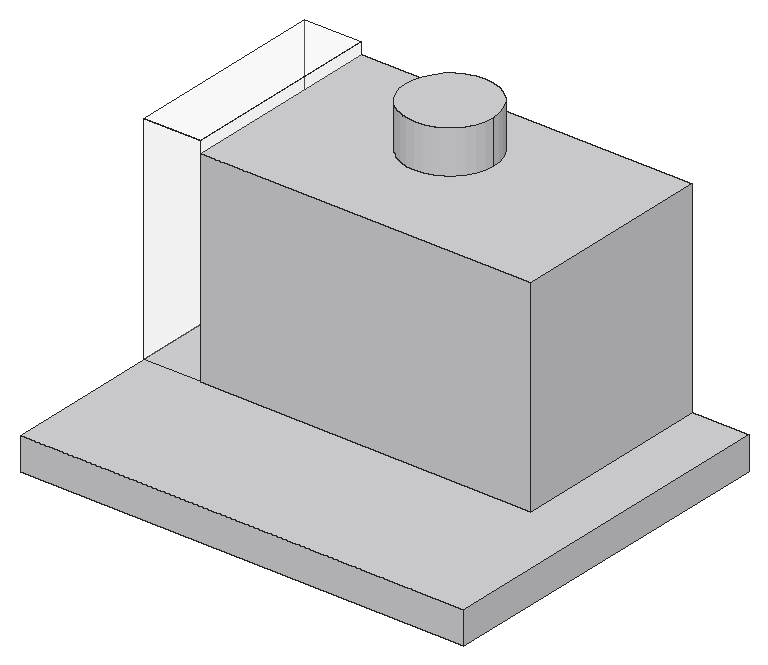
Revit family "v-754_904fr2_50Hz", category 機械設備, Revit 2019
Family settings
  丸型コネクタ寸法 = 直径を使用
  パーツ タイプ = 標準
  OmniClass 番号 = 23.75.35.17.27
  OmniClass タイトル = Centrifugal Fans
  作業面ベース = いいえ
  常に垂直 = はい
  ロード時にボイドで切り取り = いいえ
  共有 = いいえ
  部屋計算ポイント = いいえ
Parameters (values of type "V-754FR2")
  騒音レベル(dB(A)) = 46
  風量 = 525.0 m³/h
  電源種別 [instance] = ""
  電圧 = 100 V
  電動機出力 = 0 W
  電動機_種別 [instance] = ""
  集中コントローラ = ""
  運転質量 = 0.00 kg
  連動 [instance] = ""
  質量 = if(製品質量 > 運転質量, 製品質量, 運転質量) * 1.2  # 33.60 kg
  負荷分類 = 3_ファン類
  説明 = "レンジフードファン フラット形"
  設計風量 = 0.0 m³/h
  設置方法 = "天吊"
  記号 [instance] = ""
  製造元 = "三菱電機株式会社"
  製品質量 = 28.00 kg
  製品出荷対象 = "国内"
  製品リリース年月 = "2022年6月1日"
  製品グループ = ""
  系統 [instance] = ""
  符号 = if(☑給気／□排気, "FS", "FE")  # "FE"
  積算_科目 = "2 換気設備"
  積算_拾い区分 [instance] = ""
  相 = 1
  盤記号 [instance] = ""
  発停方法 [instance] = ""
  特殊仕様 [instance] = ""
  火災停止 [instance] = ""
  消費電力 = 98 W
  法定耐用年数 = "15"
  機外静圧_排気 = 210.0 Pa
  機外静圧 = 0.0 Pa
  極数 = 2
  材質 [instance] = ""
  操作・制御方式 = ""
  操作・制御スイッチ = ""
  排気量 = 0.0 m³/h
  形式 = "片吸込形"
  幹線記号 [instance] = ""
  対象室 [instance] = ""
  実風量 = 0.0 m³/h
  始動方式 [instance] = "直入"
  外気量 = 0.0 m³/h
  呼称 = "遠心送風機"
  周波数 = 50 Hz
  参照している仕様書等のバージョン = ""
  分類コード = "50052503100060"
  分類グループ = ""
  価格 = 172500
  企業コード = "108420"
  付属品_フィルター_還気 = ""
  付属品_フィルター = ""
  付属品 [instance] = ""
  仕様書バージョン = "Version1.0"
  モデル = "V-754FR2"
  メンテナンススペース_高さ = 365 mm
  メンテナンススペース = yes
  マテリアル = 鋼板(シルバー)
  ファンの種類 = ""
  ダクト径 = 150 mm
  コメント [instance] = ""
  Keynote = ""
  Assembly Code = ""
  ☑給気／□排気 = no
  Width = 557 mm
  W2 = W1 / 2  # 374.5 mm
  W1 = 749 mm
  Version = ""
  Uniclass2015Version = "Systems v1.9"
  Uniclass2015Title = "Centrifugal fans"
  Uniclass2015Code = "Pr_65_67_29_12"
  URL = "https://www.mitsubishielectric.co.jp/ldg/wink/ssl/displayProduct.do?pid=320927"
  SpecificationReference = ""
  SpecificationDescription = ""
  Revision = ""
  ProductInformation = ""
  OmniClassCode = "23-33 31 19 13 15"
  MIN風量 = 130.0 m³/h
  MIN静圧 = 0.0 Pa
  MID風量 = 320.0 m³/h
  MID静圧 = 0.0 Pa
  MAX風量 = 525.0 m³/h
  MAX静圧 = 0.0 Pa
  IfcTypeProduct = ""
  IfcProduct = ""
  IfcExportType = "CENTRIFUGALFORWARDCURVED"
  IfcExportAs = "IfcFanType"
  Height = 346 mm
  H1 = 55 mm
  EAサイズ_D = 148 mm
  Duct_Height = 73 mm
  Duct_D = 125 mm
  Duct_W = 29.7 mm
  Depth = 340 mm
  D1 = 600 mm
  Clearance Top = 0 mm
  Clearance Right = 0 mm
  Clearance Left = 0 mm
  Clearance Front = 0 mm
  Clearance Bottom = 0 mm
  Clearance Back = 0 mm
  Author = "三菱電機株式会社"
Types (2, lengths in mm): name | 質量 | 製品質量 | 価格 | モデル | W2 | W1 | URL
  V-754FR2 | 33.60 kg | 28.00 kg | 172500 | "V-754FR2" | 374.5 | 749 | "https://www.mitsubishielectric.co.jp/ldg/wink/ssl/displayProduct.do?pid=320927"
  V-904FR2 | 36.00 kg | 30.00 kg | 197100 | "V-904FR2" | 449.5 | 899 | "https://www.mitsubishielectric.co.jp/ldg/wink/ssl/displayProduct.do?pid=320691"
Reference planes
  plane 1 "中心(正面/背面)": y = 0
  plane 2: z = 0
  plane 3 "中心(左/右)": x = 0
  plane 4: x = -374.5
  plane 5: x = 374.5
  plane 6: y = -600
  plane 7: z = -401
  plane 8: x = -374.5
  plane 9: z = -346
  plane 10: z = 19
  plane 11: y = -340
  plane 12: x = -278.5
  plane 13: x = 278.5
  plane 14: x = -29.7
  plane 15: y = -125
  plane 16: z = 73
  plane 17: y = 0
  plane 18: y = -340
  plane 19: y = -300
  plane 20: z = -346
  plane 21: x = -187.25
  plane 22: x = 187.25
Forms (mm)
  Extrusion 1, solid, material "鋼板(シルバー)" <- "マテリアル", detail levels fine
    sketch origin (0, 0, 0) x (1, 0, 0) y (0, 1, 0)
      loop
        line (-374.5, 0) -> (-374.5, -600) -> (374.5, -600) -> (374.5, 0) -> (-374.5, 0)
    from -346 to -401
  Extrusion 2, solid, material "鋼板(シルバー)" <- "マテリアル"
    sketch origin (0, 0, 0) x (1, 0, 0) y (0, 1, 0)
      loop
        line (-278.5, 0) -> (-278.5, -340) -> (278.5, -340) -> (278.5, 0) -> (-278.5, 0)
    from -346 to 0
  Extrusion 3, solid, material "鋼板(シルバー)" <- "マテリアル"
    sketch origin (0, 0, 0) x (1, 0, 0) y (0, 1, 0)
      loop
        circle (-29.7, -125) r 74
    from 0 to 73
Lines and regions (mm)
  Masking region 1, detail levels coarse+medium
    outline origin (1326.5, 29, 0) x (1, 0, 0) y (0, 1, 0)
      loop
        line (-1701, -29) -> (-1701, -629) -> (-952, -629) -> (-952, -29) -> (-1701, -29)
  symbolic lines, detail levels coarse+medium
    curve 1: circle (-187.25, -300, 0) r 187.25 normal (0, 0, 1)
    curve 2: circle (187.25, -300, 0) r 187.25 normal (0, 0, 1)
Dimensions and locks
  equal spacing: plane 4, plane 3 "中心(左/右)", plane 5
  "Clearance Left": plane 8 to plane 4
  equal spacing: plane 12, plane 3 "中心(左/右)", plane 13
  "Duct_W": plane 14 to plane 3 "中心(左/右)"
  "Clearance Front": plane 11 to plane 18
  equal spacing: plane 6, plane 19, plane 1 "中心(正面/背面)"
  "D1": plane 6 to plane 1 "中心(正面/背面)"
  "Depth": plane 11 to plane 1 "中心(正面/背面)"
  "Clearance Back": plane 17 to plane 1 "中心(正面/背面)"
  "Duct_D": plane 1 "中心(正面/背面)" to plane 15
  "H1": plane 20 to plane 7
  "Height": level to plane 20
  "Duct_Height": plane 16 to level
  "Clearance Bottom": plane 20 to plane 9
  "メンテナンススペース_高さ": plane 10 to plane 20
  equal spacing: plane 3 "中心(左/右)", plane 22, plane 5
  "W1": plane 4 to plane 5
  "Width": plane 12 to plane 13
  equal spacing: plane 4, plane 21, plane 3 "中心(左/右)"
  "EAサイズ_D": diameter of Extrusion 3 sketch curve
  "W2": diameter of curve 1
  "W2": diameter of curve 2
  aligned and locked: level to plane 2
  aligned and locked: Extrusion 1 to plane 7
  aligned and locked: plane 8 to nested 1
  aligned and locked: Masking region 1 to plane 4
  aligned and locked: plane 5 to Masking region 1
  aligned and locked: Masking region 1 to plane 6
  aligned and locked: plane 9 to nested 1
  aligned and locked: plane 10 to nested 1
  aligned and locked: plane 12 to Extrusion 2 sketch curve
  aligned and locked: plane 11 to Extrusion 2 sketch curve
  aligned and locked: Extrusion 2 sketch curve to plane 13
  aligned and locked: plane 16 to Extrusion 3
  aligned and locked: plane 12 to nested 1
  aligned and locked: nested 1 to plane 17
  aligned and locked: nested 1 to plane 18
  aligned and locked: Masking region 1 to plane 1 "中心(正面/背面)"
  aligned and locked: Extrusion 1 to plane 1 "中心(正面/背面)"
  aligned and locked: Extrusion 2 to plane 1 "中心(正面/背面)"
  aligned and locked: level to Extrusion 2
  aligned and locked: Extrusion 2 to plane 20
  aligned and locked: plane 20 to Extrusion 1
  aligned and locked: Extrusion 3 to level
Automatic sketch dimensions
  Extrusion 1 sketch curve to plane 4 = 0 mm
  Extrusion 1 sketch curve to plane 5 = 0 mm
  Extrusion 1 sketch curve to plane 6 = 0 mm
  Masking region 1 sketch curve to plane 4 = 0 mm
  Masking region 1 sketch curve to plane 5 = 0 mm
  Masking region 1 sketch curve to plane 6 = 0 mm
  Extrusion 3 sketch curve to plane 14 = 0 mm
  Extrusion 3 sketch curve to plane 15 = 0 mm
  plane 1 "中心(正面/背面)" to Extrusion 2 sketch curve = 0 mm
  plane 1 "中心(正面/背面)" to Extrusion 1 sketch curve = 0 mm
  plane 1 "中心(正面/背面)" to Masking region 1 sketch curve = 0 mm
  curve 1 to plane 19 = 0 mm
  curve 1 to plane 21 = 0 mm
  curve 2 to plane 19 = 0 mm
  curve 2 to plane 22 = 0 mm
Nested families
  nested 1: "メンテナンススペース" at (-326.5, -170, -163.5), visible <- "メンテナンススペース", type "メンテナンススペース"
    with Width 96 mm, Height 365 mm, Depth 340 mm
Connectors
  hvac at (-29.7, -125, 73), driven by "ダクト径", driven by "機外静圧", driven by "風量"
    settings: on Extrusion 3, index 1, duct flow 525.0 m³/h, flow factor 0, pres drop 0.0 Pa, loss coef 0, conn angle 0.00°, conn width 304.8 mm, conn height 304.8 mm, conn diameter 150 mm, duct sys type 3, conn prof type 0, flow config 0, flow direction 2, loss method 4, conn ref index -1, conn util no, is conn primary yes, conn desc ""
  electrical at (0, -170, 0), driven by "極数", driven by "負荷分類", driven by "電圧", driven by "消費電力"
    settings: on Extrusion 2, index 2, voltage 100 V, apparent load 98 VA, apparent load phase1 0 VA, apparent load phase2 0 VA, apparent load phase3 0 VA, power factor 1, load classification "3_ファン類", number of poles 2, system type 30, power factor state 1, is connector primary yes, connector utility no, sub classification motor no, connector description ""
Definition of nested family "メンテナンススペース"
  Parameters (values of type "メンテナンススペース")
    Width [instance] = 500 mm
    Height [instance] = 500 mm
    Depth [instance] = 500 mm
  Reference planes
    plane 1 "中心(正面/背面)": y = 0
    plane 2: z = 0
    plane 3 "中心(左/右)": x = 0
    plane 4: y = -250
    plane 5: x = 250
    plane 6: y = 250
    plane 7: x = -250
    plane 8: z = 250
    plane 9: z = -250
  Forms (mm)
    Extrusion 1, solid
      sketch origin (-638.939, 0, 72.39) x (1, 0, 0) y (0, 1, 0)
        loop
          line (388.939, 250) -> (388.939, -250) -> (888.939, -250) -> (888.939, 250) -> (388.939, 250)
      from -322.39 to 177.61
  Lines and regions (mm)
    symbolic lines
      curve 1: line (-250, 0, 250) -> (250, 0, 250)
      curve 2: line (-250, 0, -250) -> (-250, 0, 250)
      curve 3: line (250, 0, -250) -> (-250, 0, -250)
      curve 4: line (250, 0, 250) -> (250, 0, -250)
      curve 5: line (0, -250, 250) -> (0, 250, 250)
      curve 6: line (0, -250, -250) -> (0, -250, 250)
      curve 7: line (0, 250, -250) -> (0, -250, -250)
      curve 8: line (0, 250, 250) -> (0, 250, -250)
      curve 9: line (-250, 250, 0) -> (250, 250, 0)
      curve 10: line (-250, -250, 0) -> (-250, 250, 0)
      curve 11: line (250, -250, 0) -> (-250, -250, 0)
      curve 12: line (250, 250, 0) -> (250, -250, 0)
  Dimensions and locks
    equal spacing: plane 7, plane 3 "中心(左/右)", plane 5
    equal spacing: plane 4, plane 1 "中心(正面/背面)", plane 6
    "Depth": plane 4 to plane 6
    "Width": plane 7 to plane 5
    equal spacing: plane 8, plane 2, plane 9
    "Height": plane 8 to plane 9
    aligned and locked: plane 9 to curve 3
    aligned and locked: plane 7 to curve 2
    aligned and locked: curve 4 to plane 5
    aligned and locked: plane 5 to Extrusion 1
    aligned and locked: Extrusion 1 to plane 7
    aligned and locked: Extrusion 1 to plane 9
    aligned and locked: plane 8 to Extrusion 1
    aligned and locked: plane 9 to curve 7
  Automatic sketch dimensions
    plane 4 to Extrusion 1 sketch curve = 0 mm
    Extrusion 1 sketch curve to plane 7 = 0 mm
    Extrusion 1 sketch curve to plane 5 = 0 mm
    plane 6 to Extrusion 1 sketch curve = 0 mm
    curve 2 to plane 8 = 0 mm
    plane 4 to curve 11 = 0 mm
    curve 11 to plane 7 = 0 mm
    curve 11 to plane 5 = 0 mm
    plane 6 to curve 10 = 0 mm
    curve 7 to plane 4 = 0 mm
    curve 7 to plane 6 = 0 mm
    curve 6 to plane 8 = 0 mm
